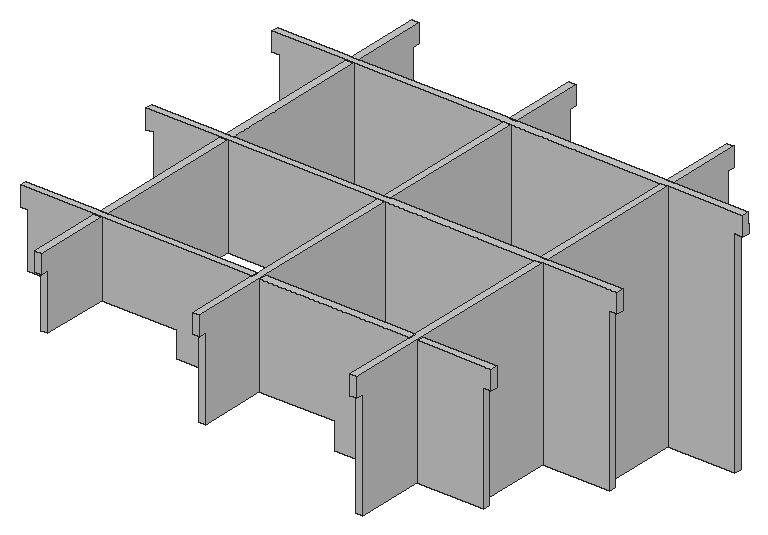
Revit family "Tartan Steps", category Generic Models, host Ceiling, Revit 2020
Family settings
  Host = Ceiling
  Can host rebar = No
  Round Connector Dimension = Use Diameter
  Part Type = Normal
  Always vertical = Yes
  Cut with Voids When Loaded = No
  Shared = No
  Room Calculation Point = No
Parameters (values of type "Light Gray")
  L = 23.750"
  Default Elevation = 0.000"
  Color = Light Gray
Types (10): name | Color
  Warm Gray | Warm Gray
  Light Gray | Light Gray
  Medium Gray | Medium Gray
  Dark Gray | Dark Gray
  Red | Red
  Blue | Blue
  Black | Black
  White | White
  Light Green | Light Green
  Dark Green | Dark Green
Reference planes (in)
  plane 1 "Center (Front/Back)": y = 0
  plane 2: z = 0
  plane 3 "Center (Left/Right)": x = 0
  plane 4 "Ceiling": z = 157.48031
  plane 5: y = 11.875
  plane 6: x = -11.875
  plane 7: x = 11.875
  plane 8: y = -11.875
  plane 9 "plane 1": y = -8.11467
  plane 10: y = -7.76033
  plane 11 "plane 2": y = -0.17717
  plane 12: y = 0.17717
  plane 13: y = 8.11467
  plane 14 "plane 3": y = 7.76033
  plane 15 "plane A": x = -8.11467
  plane 16: x = -7.76033
  plane 17 "plane B": x = -0.17717
  plane 18: x = 0.17717
  plane 19: x = 8.11467
  plane 20 "plane C": x = 7.76033
Forms (in)
  Extrusion 1, void
    sketch origin (0, 0, 157.48031) x (0, 1, 0) y (-1, 0, 0)
      loop
        line (11.875, 11.875) -> (-11.875, 11.875) -> (-11.875, -11.875) -> (11.875, -11.875) -> (11.875, 11.875)
    from 0 to 20
Dimensions and locks (in)
  equal spacing: host sketch curve, plane 3 "Center (Left/Right)", host sketch curve
  equal spacing: host sketch curve, plane 1 "Center (Front/Back)", host sketch curve
  host sketch curve to host sketch curve = 157.48031"  (x2)
  equal spacing: plane 8, plane 1 "Center (Front/Back)", plane 5
  "L": plane 8 to plane 5
  equal spacing: plane 6, plane 3 "Center (Left/Right)", plane 7
  "L": plane 6 to plane 7
  aligned and locked: Extrusion 1 sketch curve to plane 8
  aligned and locked: Extrusion 1 sketch curve to plane 7
  aligned and locked: Extrusion 1 sketch curve to plane 5
  aligned and locked: Extrusion 1 sketch curve to plane 6
  aligned and locked: nested 1 to plane 4 "Ceiling"
  aligned and locked: nested 3 to plane 4 "Ceiling"
  aligned and locked: nested 2 to plane 4 "Ceiling"
Nested families (in)
  nested 1: "Model 1" at (0, 7.76033, 157.48031) x (-1, 0, 0) z (0, 0, 1), type "Model 1"
  nested 2: "Model 2" at (0, -0.17717, 157.48031) x (-1, 0, 0) z (0, 0, 1), type "Model 2"
  nested 3: "Model 3" at (0, -8.11467, 157.48031) x (-1, 0, 0) z (0, 0, 1), type "Model 3"
  nested 4: "Model 1" at (7.76033, 0, 157.48031) x (0, -1, 0) z (0, 0, 1), type "Model 1"
  nested 5: "Model 2" at (-0.17717, 0, 157.48031) x (0, -1, 0) z (0, 0, 1), type "Model 2"
  nested 6: "Model 3" at (-8.11467, 0, 157.48031) x (0, -1, 0) z (0, 0, 1), type "Model 3"
Definition of nested family "Model 1"
  Parameters (values of type "Model 1")
    Default Elevation = 0.000"
    Color = none
  Reference planes (in)
    plane 1 "Center (Front/Back)": y = 0
    plane 2: z = 0
    plane 3 "Center (Left/Right)": x = 0
    plane 4: z = -0.9685
    plane 5: z = -6.4365
    plane 6: z = -9.1025
    plane 7: z = -11.7685
    plane 8: x = -11.875
    plane 9: x = 11.875
    plane 10: x = 11.5
    plane 11: x = -11.5
    plane 12: x = -4
    plane 13: x = 4
    plane 14: y = -0.35433
  Forms (in)
    Extrusion 1, solid, material <- "Color"
      sketch origin (0, 0, 0) x (1, 0, 0) y (0, 0, 1)
        loop
          line (-11.875, 0) -> (-11.875, -0.9685) -> (-11.5, -0.9685) -> (-11.5, -11.7685) -> (-4, -11.7685) -> (-4, -9.1025) -> (4, -9.1025) -> (4, -6.4365) -> (11.5, -6.4365) -> (11.5, -0.9685) -> (11.875, -0.9685) -> (11.875, 0) -> (-11.875, 0)
      from 0 to 0.35433
  Dimensions and locks (in)
    plane 2 to plane 4 = 0.9685"
    plane 4 to plane 5 = 5.468"
    plane 4 to plane 6 = 8.134"
    plane 4 to plane 7 = 10.800"
    aligned and locked: level to plane 2
    aligned and locked: plane 5 to Extrusion 1
    aligned and locked: plane 6 to Extrusion 1
    aligned and locked: plane 7 to Extrusion 1
Definition of nested family "Model 2"
  Parameters (values of type "Model 2")
    Default Elevation = 0.000"
    Color = none
  Reference planes (in)
    plane 1 "Center (Front/Back)": y = 0
    plane 2: z = 0
    plane 3 "Center (Left/Right)": x = 0
    plane 4: z = -0.9685
    plane 5: z = -5.1035
    plane 6: z = -7.1035
    plane 7: z = -9.1025
    plane 8: x = -11.875
    plane 9: x = 11.875
    plane 10: x = 11.5
    plane 11: x = -11.5
    plane 12: x = -4
    plane 13: x = 4
    plane 14: y = -0.35433
  Forms (in)
    Extrusion 1, solid, material <- "Color"
      sketch origin (0, 0, 0) x (1, 0, 0) y (0, 0, 1)
        loop
          line (-11.875, 0) -> (-11.875, -0.9685) -> (-11.5, -0.9685) -> (-11.5, -9.1025) -> (-4, -9.1025) -> (-4, -7.1035) -> (4, -7.1035) -> (4, -5.1035) -> (11.5, -5.1035) -> (11.5, -0.9685) -> (11.875, -0.9685) -> (11.875, 0) -> (-11.875, 0)
      from 0 to 0.35433
  Dimensions and locks (in)
    plane 2 to plane 4 = 0.9685"
    plane 4 to plane 5 = 4.135"
    plane 4 to plane 6 = 6.135"
    plane 4 to plane 7 = 8.134"
    aligned and locked: level to plane 2
    aligned and locked: plane 5 to Extrusion 1
    aligned and locked: plane 6 to Extrusion 1
    aligned and locked: plane 7 to Extrusion 1
Definition of nested family "Model 3"
  Parameters (values of type "Model 3")
    Default Elevation = 0.000"
    Color = none
  Reference planes (in)
    plane 1 "Center (Front/Back)": y = 0
    plane 2: z = 0
    plane 3 "Center (Left/Right)": x = 0
    plane 4: z = -0.9685
    plane 5: z = -3.7705
    plane 6: z = -5.1035
    plane 7: z = -6.4365
    plane 8: x = -11.875
    plane 9: x = 11.875
    plane 10: x = 11.5
    plane 11: x = -11.5
    plane 12: x = -4
    plane 13: x = 4
    plane 14: y = -0.35433
  Forms (in)
    Extrusion 1, solid, material <- "Color"
      sketch origin (0, 0, 0) x (1, 0, 0) y (0, 0, 1)
        loop
          line (-11.875, 0) -> (-11.875, -0.9685) -> (-11.5, -0.9685) -> (-11.5, -6.4365) -> (-4, -6.4365) -> (-4, -5.1035) -> (4, -5.1035) -> (4, -3.7705) -> (11.5, -3.7705) -> (11.5, -0.9685) -> (11.875, -0.9685) -> (11.875, 0) -> (-11.875, 0)
      from 0 to 0.35433
  Dimensions and locks (in)
    plane 2 to plane 4 = 0.9685"
    plane 4 to plane 5 = 2.802"
    plane 4 to plane 6 = 4.135"
    plane 4 to plane 7 = 5.468"
    aligned and locked: level to plane 2
    aligned and locked: plane 5 to Extrusion 1
    aligned and locked: plane 6 to Extrusion 1
    aligned and locked: plane 7 to Extrusion 1
